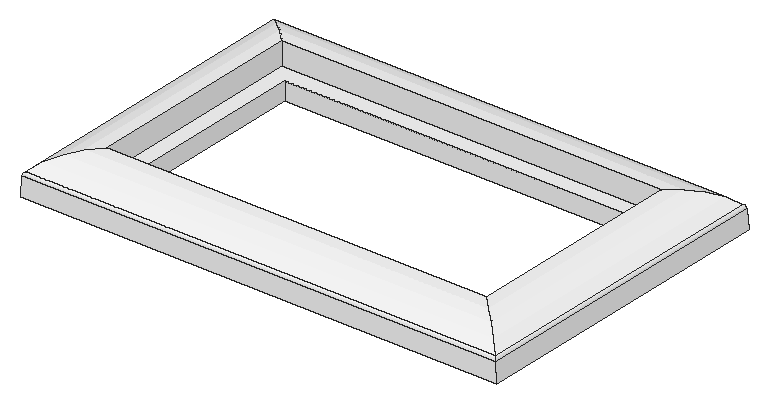
Revit family "Gira_100101", category Electrical Fixtures, host Face, Revit 2017
Family settings
  Host = Face
  Maintain Annotation Orientation = No
  Round Connector Dimension = Use Diameter
  Part Type = Normal
  Cut with Voids When Loaded = No
  Shared = No
  Room Calculation Point = No
Parameters (values of type "Abdeckrahmen 1,5f Standard 55 Cremeweiß")
  Werkstoffgüte = "Thermoplast"
  Werkstoff = "Kunststoff"
  URL = "http://katalog.gira.de/de_DE/datenblatt.html?artikelnr=100101"
  Transparent = "No"
  Textfeld/Beschriftungsfläche = "No"
  Schutzart (IP) = "IP20"
  Region = "DE"
  RAL-Nummer (ähnlich) = "1013 "
  Oberfläche = "sonstige"
  Name = "Abdeckrahmen 1,5f Standard 55 Cremeweiß"
  Montagerichtung = "horizontal und vertikal"
  Mit Montagerahmen = "No"
  Mit Klappdeckel = "No"
  Manufacturer URL = "https://www.gira.de/"
  Keynote = "Std55_Rahmen_1,5fach"
  HeinzeBIM = "https://bimportal.heinze.de/bim/abdeckrahmen-1-5f-standard-55-cremeweiss/0feeb26ce3ccdf5075f7fa0da09c9055b0cac334"
  Halogenfrei = "Yes"
  HAN = "100101"
  Geeignet für Unterputz-Installation = "Yes"
  Geeignet für Unterflurkanaldose = "No"
  Geeignet für Geräteeinbaukanal = "No"
  Geeignet für Einbauinstallation = "No"
  GTIN = "4010337881247"
  Farbe = "cremeweiß (elektroweiß)"
  Default Elevation = 1219.2 mm
  Data sheet (1) = "https://katalog.gira.de/de_DE/download.html?artikelnr=100101"
  Category = "Abdeckrahmen"
  Befestigungsart = "Klemmbefestigung"
  Available = "Yes"
  Ausführung der Oberfläche = "glänzend"
  Anzahl der Einheiten vertikal = "1,5 "
  Anzahl der Einheiten horizontal = "1,5 "
  Anzahl der Einheiten = "1 "
Reference planes
  plane 1 "Center (Front/Back)": y = 0
  plane 2: z = 0
  plane 3 "Center (Left/Right)": x = 0
  plane 4: x = -60.5
  plane 5: x = 60.5
  plane 6: y = -40
  plane 7: y = 40
Forms (mm)
  Sweep 1, solid, material "White", detail levels fine
    path origin (0, 0, 0) x (1, 0, 0) y (0, 1, 0)
      loop
        line (60.5, 40) -> (-60.5, 40) -> (-60.5, -40) -> (60.5, -40) -> (60.5, 40)
    profile origin (0, 40, 0) x (0, -1, 0) y (0, 0, 1)
      loop
        arc (12.278, 10.074) -> (6.073, 9.052) -> (0.724, 5.745) r 16.207
        arc (0.724, 5.745) -> (0.387, 5.281) -> (0.248, 4.725) r 1.5
        line (0.248, 4.725) -> (0, 0) -> (16.627, 0) -> (16.627, 4.5) -> (12.327, 4.5) -> (12.278, 10.074)
  Extrusion 2, solid, material "White", detail levels coarse+medium
    sketch origin (0, 0, 0) x (1, 0, 0) y (0, 1, 0)
      loop
        line (-60.5, 40) -> (-60.5, -40) -> (60.5, -40) -> (60.5, 40) -> (-60.5, 40)
    from 0 to 10.074
Dimensions and locks
  aligned and locked: plane 2 to host face
  aligned and locked: level to host face
